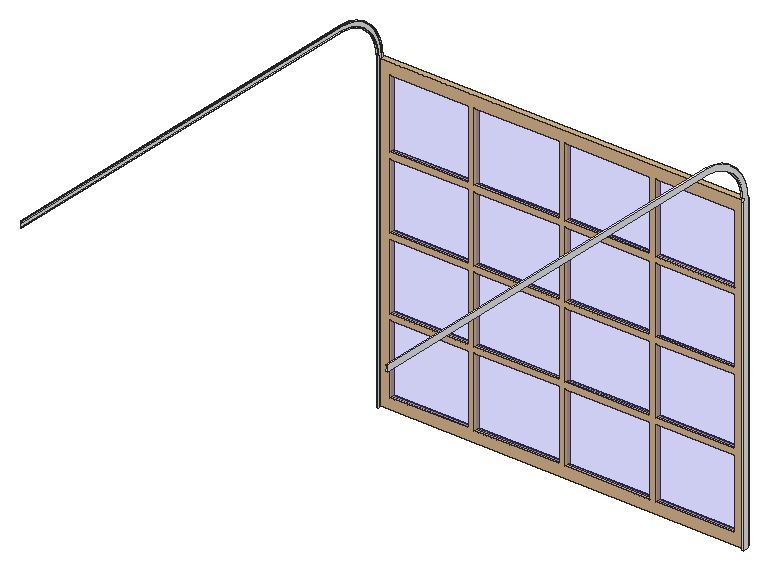
Revit family
Parameters (values of type "7Ft H x 8Ft W")
  Track Width = Width + 0' 2"  # 8' - 2"
  Track Height = Height + 1' 0"  # 8' - 0"
  Track Depth = 10' - 0"
  Track = Metal
  SmartBIM Object Version = 1  # constant formula
  SmartBIM Object Created By = "Reed Construction Data"  # constant formula
  Rough Width = 0' - 0"
  Rough Height = 0' - 0"
  Panel Thickness = 0' - 1 1/2"
  Manufacturer = ""
  Height = 7' - 0"
  Wall Closure = (empty or 0)
  Width = 8' - 0"
  Door Glass = Glass
  Door = Wood
  95 CSI = "08360"  # constant formula
  04 CSI = "08 36 13"  # constant formula
Types (3): name | Track Width | Width
  (no name) | 8' - 2" | 8' - 0"
  7Ft H x 8Ft W | 8' - 2" | 8' - 0"
  7Ft H x 16Ft W | 16' - 2" | 16' - 0"
Reference planes (in)
  plane 1 "Center (Front/Back)": y = 0
  plane 2 "Center (Left/Right)": x = 0
  plane 3 "Left": x = -48
  plane 4 "Right": x = 48
  plane 5 "Top": z = 84
  plane 6: x = -49
  plane 7: x = 49
  plane 8: y = -3.25
  plane 9: z = 81
  plane 10: y = -3.5
  plane 11: y = -3.5
  plane 12 "Ext": y = -4.25
  plane 13: y = -3.5
  plane 14 "Int": y = -2.75
  plane 15: z = 3
  plane 16: y = -3.5
  plane 17: z = 22.5
  plane 18: z = 61.5
  plane 19: z = 42
  plane 20: x = -24.5
  plane 21: x = 24.5
Forms (in)
  Extrusion 1, solid, material "Wood" <- "Door"
    sketch origin (0, 0, 0) x (1, 0, 0) y (0, 0, 1)
      loop
        line (-49, 84) -> (-49, 0) -> (49, 0) -> (49, 84) -> (-49, 84)
      loop
        line (-46.5, 81) -> (-46.5, 62.25) -> (-25.25, 62.25) -> (-25.25, 81) -> (-46.5, 81)
      loop
        line (-0.75, 81) -> (-23.75, 81) -> (-23.75, 62.25) -> (-0.75, 62.25) -> (-0.75, 81)
      loop
        line (0.75, 81) -> (0.75, 62.25) -> (23.75, 62.25) -> (23.75, 81) -> (0.75, 81)
      loop
        line (46.5, 81) -> (25.25, 81) -> (25.25, 62.25) -> (46.5, 62.25) -> (46.5, 81)
      loop
        line (46.5, 60.75) -> (25.25, 60.75) -> (25.25, 42.75) -> (46.5, 42.75) -> (46.5, 60.75)
      loop
        line (46.5, 41.25) -> (25.25, 41.25) -> (25.25, 23.25) -> (46.5, 23.25) -> (46.5, 41.25)
      loop
        line (-46.5, 42.75) -> (-25.25, 42.75) -> (-25.25, 60.75) -> (-46.5, 60.75) -> (-46.5, 42.75)
      loop
        line (-46.5, 23.25) -> (-25.25, 23.25) -> (-25.25, 41.25) -> (-46.5, 41.25) -> (-46.5, 23.25)
      loop
        line (46.5, 21.75) -> (25.25, 21.75) -> (25.25, 3) -> (46.5, 3) -> (46.5, 21.75)
      loop
        line (-0.75, 3) -> (-0.75, 21.75) -> (-23.75, 21.75) -> (-23.75, 3) -> (-0.75, 3)
      loop
        line (-0.75, 60.75) -> (-23.75, 60.75) -> (-23.75, 42.75) -> (-0.75, 42.75) -> (-0.75, 60.75)
      loop
        line (0.75, 60.75) -> (0.75, 42.75) -> (23.75, 42.75) -> (23.75, 60.75) -> (0.75, 60.75)
      loop
        line (0.75, 41.25) -> (0.75, 23.25) -> (23.75, 23.25) -> (23.75, 41.25) -> (0.75, 41.25)
      loop
        line (-0.75, 41.25) -> (-23.75, 41.25) -> (-23.75, 23.25) -> (-0.75, 23.25) -> (-0.75, 41.25)
      loop
        line (0.75, 21.75) -> (0.75, 3) -> (23.75, 3) -> (23.75, 21.75) -> (0.75, 21.75)
      loop
        line (-46.5, 21.75) -> (-46.5, 3) -> (-25.25, 3) -> (-25.25, 21.75) -> (-46.5, 21.75)
    from 2.75 to 4.25
  Extrusion 2, solid, material "Glass" <- "Door Glass"
    sketch origin (0, -4.25, 0) x (1, 0, 0) y (0, 0, 1)
      loop
        line (-46.5, 81) -> (-46.5, 62.25) -> (-25.25, 62.25) -> (-25.25, 81) -> (-46.5, 81)
      loop
        line (-23.75, 62.25) -> (-0.75, 62.25) -> (-0.75, 81) -> (-23.75, 81) -> (-23.75, 62.25)
      loop
        line (-46.5, 60.75) -> (-46.5, 42.75) -> (-25.25, 42.75) -> (-25.25, 60.75) -> (-46.5, 60.75)
      loop
        line (-23.75, 42.75) -> (-0.75, 42.75) -> (-0.75, 60.75) -> (-23.75, 60.75) -> (-23.75, 42.75)
      loop
        line (-46.5, 41.25) -> (-46.5, 23.25) -> (-25.25, 23.25) -> (-25.25, 41.25) -> (-46.5, 41.25)
      loop
        line (-23.75, 23.25) -> (-0.75, 23.25) -> (-0.75, 41.25) -> (-23.75, 41.25) -> (-23.75, 23.25)
      loop
        line (-46.5, 3) -> (-25.25, 3) -> (-25.25, 21.75) -> (-46.5, 21.75) -> (-46.5, 3)
      loop
        line (-23.75, 3) -> (-0.75, 3) -> (-0.75, 21.75) -> (-23.75, 21.75) -> (-23.75, 3)
      loop
        line (0.75, 3) -> (23.75, 3) -> (23.75, 21.75) -> (0.75, 21.75) -> (0.75, 3)
      loop
        line (25.25, 3) -> (46.5, 3) -> (46.5, 21.75) -> (25.25, 21.75) -> (25.25, 3)
      loop
        line (25.25, 23.25) -> (46.5, 23.25) -> (46.5, 41.25) -> (25.25, 41.25) -> (25.25, 23.25)
      loop
        line (0.75, 41.25) -> (0.75, 23.25) -> (23.75, 23.25) -> (23.75, 41.25) -> (0.75, 41.25)
      loop
        line (23.75, 42.75) -> (23.75, 60.75) -> (0.75, 60.75) -> (0.75, 42.75) -> (23.75, 42.75)
      loop
        line (46.5, 42.75) -> (46.5, 60.75) -> (25.25, 60.75) -> (25.25, 42.75) -> (46.5, 42.75)
      loop
        line (46.5, 62.25) -> (46.5, 81) -> (25.25, 81) -> (25.25, 62.25) -> (46.5, 62.25)
      loop
        line (0.75, 81) -> (0.75, 62.25) -> (23.75, 62.25) -> (23.75, 81) -> (0.75, 81)
    from -1 to -0.5
Lines and regions (in)
  Opening 1
    outline origin (-90, -2.75, 0) x (1, 0, 0) y (0, 0, 1)
      loop
        line (42, 0) -> (138, 0) -> (138, 84) -> (42, 84) -> (42, 0)
Text (in)
  text "Exterior" at (-74.96733, 27.31104, 0), in view "Ref. Level"
  text "Interior" at (-76.69036, -30.31274, 0), in view "Ref. Level"
  text "Exterior" at (0, 40.15149, 123.01588), in view "Right"
  text "Interior" at (0, -64.39139, 123.01588), in view "Right"
  text "Interior" at (0, -31.01599, 123.00693), in view "Left"
  text "Exterior" at (0, 54.57065, 123.00693), in view "Left"
Dimensions and locks (in)
  equal spacing: plane 3 "Left", plane 2 "Center (Left/Right)", plane 4 "Right"
  "Width": plane 3 "Left" to plane 4 "Right"
  locked: plane 6 to plane 3 "Left" at 1
  locked: plane 4 "Right" to plane 7 at 1
  locked: plane 9 to plane 5 "Top" at 3
  plane 2 "Center (Left/Right)" to plane 4 "Right" = 4' - 0"
  plane 2 "Center (Left/Right)" to plane 3 "Left" = 4' - 0"
  host wall to plane 8 to plane 10 = 0' - 0 1/2", 0' - 0 1/4"
  equal spacing: plane 12 "Ext", plane 13, plane 14 "Int"
  "Panel Thickness": plane 14 "Int" to plane 12 "Ext"
  plane 5 "Top" to plane 9 = 0' - 3"
  equal spacing: plane 7, plane 2 "Center (Left/Right)", plane 6
  locked: plane 15 to level at 3
  locked: plane 6 to Extrusion 1 sketch curve at 2.5
  "Height": plane 5 "Top" to level
  equal spacing: Extrusion 2, plane 16, Extrusion 2
  locked: Extrusion 2 to Extrusion 2 at 0.5
  equal spacing: plane 15, plane 17, plane 19, plane 18, plane 9
  equal spacing: plane 2 "Center (Left/Right)", plane 20, plane 6
  equal spacing: plane 7, plane 21, plane 2 "Center (Left/Right)"
  aligned and locked: plane 3 "Left" to Opening 1 sketch curve
  aligned and locked: plane 5 "Top" to Opening 1 sketch curve  (x2)
  aligned and locked: Opening 1 sketch curve to plane 4 "Right"
  aligned and locked: Opening 1 sketch curve to level
  aligned and locked: Extrusion 1 sketch curve to plane 6
  aligned and locked: Extrusion 1 sketch curve to plane 7
  aligned and locked: Extrusion 1 sketch curve to level
  aligned and locked: Extrusion 1 sketch curve to host wall
  aligned and locked: plane 10 to plane 11
  aligned and locked: host wall to plane 14 "Int"
  aligned and locked: plane 11 to plane 13
  aligned and locked: plane 12 "Ext" to Extrusion 1
  aligned and locked: Extrusion 1 to host wall
  aligned and locked: plane 16 to plane 13
  aligned and locked: plane 15 to Extrusion 1 sketch curve
  aligned and locked: Extrusion 2 sketch curve to Extrusion 1  (x64)
  aligned and locked: nested 1 to plane 2 "Center (Left/Right)"
  aligned and locked: plane 13 to nested 1
Automatic sketch dimensions
  Extrusion 1 sketch curve to plane 9 = 0' - 0"  (x4)
  Extrusion 1 sketch curve to plane 15 = 0' - 0"  (x3)
  Extrusion 1 sketch curve to Extrusion 1 sketch curve = 0' - 0"  (x3)
  Extrusion 1 sketch curve to plane 20 = 0' - 0 3/4"  (x4)
  plane 20 to Extrusion 1 sketch curve = 0' - 0 3/4"  (x4)
  Extrusion 1 sketch curve to plane 2 "Center (Left/Right)" = 0' - 0 3/4"  (x4)
  plane 2 "Center (Left/Right)" to Extrusion 1 sketch curve = 0' - 0 3/4"  (x4)
  Extrusion 1 sketch curve to plane 21 = 0' - 0 3/4"  (x4)
  plane 21 to Extrusion 1 sketch curve = 0' - 0 3/4"  (x4)
  plane 4 "Right" to Extrusion 1 sketch curve = 0' - 1 1/2"  (x4)
  Extrusion 1 sketch curve to plane 17 = 0' - 0 3/4"  (x4)
  plane 17 to Extrusion 1 sketch curve = 0' - 0 3/4"  (x4)
  Extrusion 1 sketch curve to plane 19 = 0' - 0 3/4"  (x4)
  plane 19 to Extrusion 1 sketch curve = 0' - 0 3/4"  (x4)
  Extrusion 1 sketch curve to plane 18 = 0' - 0 3/4"  (x4)
  plane 18 to Extrusion 1 sketch curve = 0' - 0 3/4"  (x4)
Nested families (in)
  nested 1: "Door Track" at (-0.5, -65, 0), Width <- "Track Width", Height <- "Track Height", Depth <- "Track Depth", type "Door Track"
    with Width 8' - 2", Height 8' - 0", Depth 10' - 0"
Definition of nested family "Door Track"
  Parameters
    Width [instance] = 10' - 0"
    Track = Metal
    Height [instance] = 11' - 0"
    Depth [instance] = 8' - 0"
  Reference planes (in)
    plane 1 "Center (Front/Back)": y = 0
    plane 2: z = 0
    plane 3 "Center (Left/Right)": x = 0.5
    plane 4 "Back": y = 48
    plane 5 "Front": y = -48
    plane 6 "Left": x = -59.5
    plane 7 "Right": x = 60.5
    plane 8 "Top": z = 132
    plane 9 "Center (Up/Down)": z = 66
    plane 10: y = 48.75
    plane 11: y = 49.5
  Forms (in)
    Sweep 1, solid, material "Metal" <- "Track"
      path origin (60.5, 60, 48) x (0, 1, 0) y (0, 0, 1)
        loop
          line (-12, -48) -> (-12, 72)
          arc (-12, 72) -> (-15.51472, 80.48528) -> (-24, 84) r 12
          line (-24, 84) -> (-108, 84)
      profile origin (60.5, -6, 132) x (0, 0, -1) y (1, 0, 0)
        loop
          line (-1.5, 0) -> (-1.375, 0) -> (-1.375, 0.375) -> (-0.125, 0.375) -> (-0.125, 0) -> (0, 0) -> (0, 0.5) -> (-1.5, 0.5) -> (-1.5, 0)
    Sweep 2, solid, material "Metal" <- "Track"
      path origin (-59.5, 60, 48) x (0, 1, 0) y (0, 0, 1)
        loop
          line (-12, -48) -> (-12, 72)
          arc (-12, 72) -> (-15.51472, 80.48528) -> (-24, 84) r 12
          line (-24, 84) -> (-108, 84)
      profile origin (-59.5, -6, 132) x (0, 0, -1) y (1, 0, 0)
        loop
          line (-1.5, 0) -> (-1.5, -0.5) -> (0, -0.5) -> (0, 0) -> (-0.125, 0) -> (-0.125, -0.375) -> (-1.375, -0.375) -> (-1.375, 0) -> (-1.5, 0)
  Dimensions and locks (in)
    equal spacing: plane 6 "Left", plane 3 "Center (Left/Right)", plane 7 "Right"
    "Width": plane 6 "Left" to plane 7 "Right"
    equal spacing: plane 4 "Back", plane 1 "Center (Front/Back)", plane 5 "Front"
    "Depth": plane 4 "Back" to plane 5 "Front"
    "Height": plane 8 "Top" to plane 2
    equal spacing: plane 8 "Top", plane 9 "Center (Up/Down)", level
    locked: Sweep 2 sketch curve to Sweep 2 sketch curve at 0.125  (x3)
    locked: Sweep 2 sketch curve to Sweep 2 sketch curve at 0.5  (x2)
    locked: Sweep 2 sketch curve to Sweep 2 sketch curve at 1.5
    locked: Sweep 1 sketch curve to Sweep 1 sketch curve at 0.5  (x2)
    locked: Sweep 1 sketch curve to Sweep 1 sketch curve at 0.125  (x3)
    locked: Sweep 1 sketch curve to Sweep 1 sketch curve at 1.5
    equal spacing: plane 4 "Back", plane 10, plane 11
    locked: plane 10 to plane 11 at 0.75
    radius of Sweep 1 sketch curve = 1' - 0"
    radius of Sweep 2 sketch curve = 1' - 0"
    aligned and locked: plane 8 "Top" to Sweep 1 sketch curve  (x2)
    aligned and locked: plane 5 "Front" to Sweep 1 sketch curve
    aligned and locked: plane 4 "Back" to Sweep 1 sketch curve
    aligned and locked: plane 4 "Back" to Sweep 2 sketch curve
    aligned and locked: plane 5 "Front" to Sweep 2 sketch curve
    aligned and locked: level to Sweep 2 sketch curve
    aligned and locked: Sweep 2 sketch curve to profile plane  (x2)
    aligned and locked: Sweep 1 sketch curve to profile plane
    aligned and locked: plane 11 to Sweep 1
  Automatic sketch dimensions
    Sweep 1 sketch curve to level = 0' - 0"
    Sweep 2 sketch curve to plane 8 "Top" = 0' - 0"
